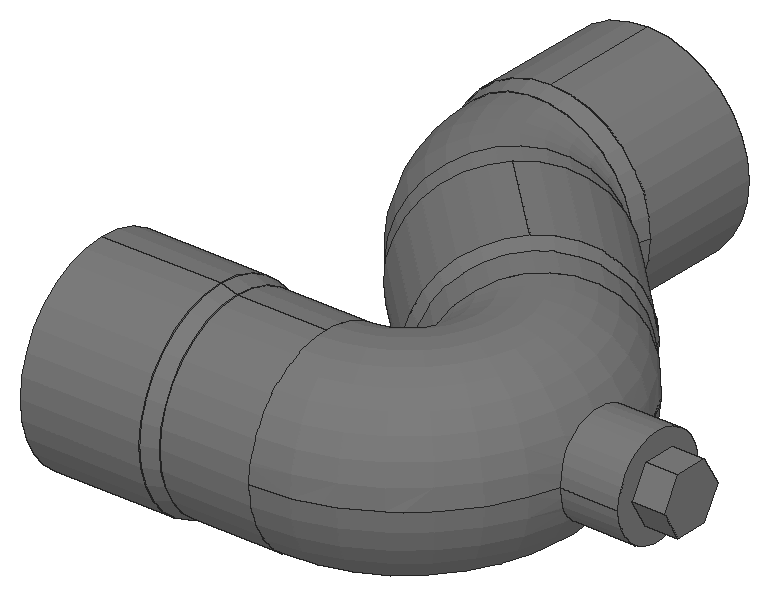
Revit family "Dirit_uPVC Tien Phong Siphon", category Pipe Fittings, Revit 2024
Family settings
  Round Connector Dimension = Use Diameter
  Part Type = Multi Port
  Work Plane-Based = No
  Always vertical = Yes
  Cut with Voids When Loaded = No
  Shared = No
Parameters (values of type "Standard")
  uPVC = uPVC
  Website = ""
  URL = ""
  Type Image = PVC Siphong.JPG
  Type Comments = "MEPF Modeling"
  Standard = "ISO 1452-2"
  Name Fitting = "uPVC_Siphong"  # constant formula
  Mô tả = "Siphong uPVC"
  Lookup Table = "uPVC_Siphon_TienPhong"
  ENG_l [instance] = ENG_r * tan(54.74°)  # 87.271 mm
  ENG_OD [instance] = size_lookup(Lookup Table, "OD", ENG_DN + 1 mm, ENG_DN)  # 61.5 mm
  Model = "Pipe Fitting"
  Manufacturer = ""
  ENG_L/2 [instance] = L1 / 2  # 18.00 mm
  L1 [instance] = size_lookup(Lookup Table, "L", ENG_DN / 2, ENG_DN)  # 36 mm
  ENG_DN [instance] = 60 mm
  ENG_ID [instance] = size_lookup(Lookup Table, "ID", ENG_DN - 1 mm, ENG_DN)  # 58.6 mm
  ENG_D/2 [instance] = ENG_DN / 2  # 30.00 mm
  ENG_R [instance] = ENG_OD / 2 + 0.1 mm  # 30.85 mm
  ENG_r [instance] = 2 * ENG_R  # 61.70 mm
  ENG_Angle_X [instance] = 90.00°
  ENG_Angle_F [instance] = 180.00° - ENG_Angle + 1.00°  # 46.00°
  ENG_Angle [instance] = 135.00°
  ENG_L_d [instance] = 0.75 * L1  # 27.00 mm
  Fanpage = ""
  Email = ""
  Design By = ""
  Default Elevation = 0.00 mm
  Address = ""
Reference planes
  plane 1 "Center (Front/Back)": y = 0
  plane 2: z = 0
  plane 3 "Center (Left/Right)": x = 0
  plane 4: x = 30.85
  plane 5: x = 61.7
  plane 6: y = 30.85
  plane 7: y = 118.121
  plane 8: x = 6.05
  plane 9: x = 88.7
  plane 10: x = 106.7
  plane 11: x = 116.7
Forms (mm)
  Sweep 1, solid, material "uPVC" <- "uPVC"
    path in 3D
      loop
        arc (0.005, 118.66, 0) -> (2.246, 106.565, 0) -> (9.036, 96.307, 0) r 30.85
        line (9.036, 96.307, 0) -> (52.664, 52.664, 0)
        arc (52.664, 52.664, 0) -> (59.352, 19.044, 0) -> (30.85, 0, 0) r 30.85
    profile origin (2.246, 106.565, 0) x (0.927184, 0.374607, 0) y (0, 0, 1)
      loop
        circle (0, 0) r 29.3
  SweptBlend 2, solid, material "uPVC" <- "uPVC"
    path origin (0, 0, 0) x (1, 0, 0) y (0, 1, 0)
      loop
        line (0.005, 118.66) -> (0.092, 123.659)
    profile origin (0.005, 118.66, 0) x (-0.999848, 0.017452, 0) y (0, 0, 1)
      loop
        circle (0, 0) r 29.3
    end profile origin (0.092, 123.659, 0) x (-0.999848, 0.017452, 0) y (0, 0, 1)
      loop
        circle (0, 0) r 30.75
  Extrusion 3, solid, material "uPVC" <- "uPVC"
    sketch origin (0.092, 123.659, 0) x (0, 0, -1) y (-0.999848, 0.017452, 0)
      loop
        circle (0, 0.001) r 29.3
      loop
        circle (0, 0.001) r 30.75
    from 0 to 36 <- "L1"
  Extrusion 4, solid, material "uPVC" <- "uPVC"
    sketch origin (30.85, 0, 0) x (0, 0, 1) y (0, 1, 0)
      loop
        circle (0, 0) r 29.3
    from 0 to 27 <- "ENG_L_d"
  Blend 5, solid, material "uPVC" <- "uPVC"
    base sketch origin (3.85, 0, 0) x (0, 0, 1) y (0, 1, 0)
      loop
        circle (0, 0) r 29.3
    top sketch origin (3.85, 0, 0) x (0, 0, 1) y (0, 1, 0)
      loop
        circle (0, 0) r 30.75
    from 0 to 5
  Extrusion 6, solid, material "uPVC" <- "uPVC"
    sketch origin (-1.15, 0, 0) x (0, 0, 1) y (0, 1, 0)
      loop
        circle (0, 0) r 29.3
      loop
        circle (0, 0) r 30.75
    from 0 to 36 <- "L1"
  SweptBlend 7, solid, material "uPVC" <- "uPVC"
    path origin (0, 0, 0) x (1, 0, 0) y (0, 1, 0)
      loop
        line (45.064, 60.267) -> (41.529, 63.803)
    profile origin (45.064, 60.267, 0) x (-0.707222, -0.706992, 0) y (0, 0, 1)
      loop
        circle (0, 0) r 29.3
    end profile origin (41.529, 63.803, 0) x (-0.707222, -0.706992, 0) y (0, 0, 1)
      loop
        circle (0, 0) r 30.75
  Extrusion 8, solid, material "uPVC" <- "uPVC"
    sketch origin (41.529, 63.803, 0) x (0, 0, -1) y (-0.707222, -0.706992, 0)
      loop
        circle (0, 0) r 30.75
    from 0 to 36 <- "L1"
  Extrusion 9, solid, material "uPVC" <- "uPVC"
    sketch origin (88.7, 250.149, 1200) x (0, 1, 0) y (0, 0, 1)
      loop
        circle (-219.299, -1200) r 15
    from 0 to 18
  Sweep 10, solid, material "uPVC" <- "uPVC"
    path origin (0, 0, 0) x (1, 0, 0) y (0, 1, 0)
      loop
        line (106.7, 30.85) -> (116.7, 30.85)
    profile origin (111.7, 30.85, 0) x (0, 1, 0) y (0, 0, 1)
      loop
        line (-10, 0) -> (-5, -8.66) -> (5, -8.66) -> (10, 0) -> (5, 8.66) -> (-5, 8.66) -> (-10, 0)
Cuts and joins
  joined: Sweep 1, Extrusion 4, SweptBlend 7, Extrusion 8, Extrusion 9
Lines and regions (mm)
  reference lines
    curve 1: arc (30.85, 0, 0) -> (59.352, 19.044, 0) -> (52.664, 52.664, 0) r 30.85
    curve 2: line (52.664, 52.664, 0) -> (9.036, 96.307, 0)
    curve 3: arc (0.005, 118.66, 0) -> (2.246, 106.565, 0) -> (9.036, 96.307, 0) r 30.85
  sketch lines
    curve 4: arc (0.005, 118.66, 0) -> (2.246, 106.565, 0) -> (9.036, 96.307, 0) r 30.85
    curve 5: line (52.664, 52.664, 0) -> (9.036, 96.307, 0)
    curve 6: arc (30.85, 0, 0) -> (59.352, 19.044, 0) -> (52.664, 52.664, 0) r 30.85
  model lines
    curve 7: circle (3.85, 0, 0) r 22.123 normal (-1, 0, 0)
Dimensions and locks
  "ENG_R": plane 3 "Center (Left/Right)" to plane 4
  "ENG_R": plane 6 to plane 1 "Center (Front/Back)"
  "ENG_R": plane 4 to plane 5
  "ENG_l": plane 7 to plane 6
  locked: Blend 5 to Blend 5 at 5
  "ENG_L/2": plane 9 to plane 10
  plane 10 to plane 11 = 10.00 mm
  "ENG_L_d": plane 5 to plane 9
  "ENG_R": radius of curve 1
  "ENG_R": radius of curve 3
  "ENG_ID": diameter of Sweep 1 sketch curve
  "ENG_ID": diameter of SweptBlend 2 sketch curve
  "ENG_OD": diameter of SweptBlend 2 sketch curve
  "ENG_ID": diameter of Extrusion 3 sketch curve
  "ENG_OD": diameter of Extrusion 3 sketch curve
  "ENG_ID": diameter of Extrusion 4 sketch curve
  "ENG_ID": diameter of Blend 5 sketch curve
  "ENG_OD": diameter of Blend 5 sketch curve
  "ENG_ID": diameter of Extrusion 6 sketch curve
  "ENG_OD": diameter of Extrusion 6 sketch curve
  "ENG_ID": diameter of SweptBlend 7 sketch curve
  "ENG_OD": diameter of SweptBlend 7 sketch curve
  "ENG_OD": diameter of Extrusion 8 sketch curve
  "ENG_D/2": diameter of Extrusion 9 sketch curve
  locked: curve 1 to curve 1 (angle 135.00°)
  "ENG_Angle_F": angle curve 3 to curve 3
  aligned and locked: level to plane 2
  aligned and locked: plane 4 to curve 1
  aligned and locked: plane 6 to curve 1
  aligned and locked: plane 4 to curve 3
  aligned and locked: plane 7 to curve 3
  aligned and locked: curve 2 to SweptBlend 7 sketch curve
  aligned and locked: plane 6 to Extrusion 9 sketch curve
  aligned and locked: plane 2 to Extrusion 9 sketch curve
  aligned and locked: plane 10 to Extrusion 9
  aligned and locked: plane 10 to Sweep 10 sketch curve
  aligned and locked: plane 11 to Sweep 10 sketch curve
  aligned and locked: Sweep 10 sketch curve to plane 6
  aligned and locked: Blend 5 to cut or joined group of Sweep 1, Extrusion 4, SweptBlend 7, Extrusion 8, Extrusion 9
Automatic sketch dimensions
  plane 3 "Center (Left/Right)" to curve 3 = 0.005 mm
  Sweep 1 sketch curve to profile plane = 0.00 mm  (x2)
  plane 3 "Center (Left/Right)" to SweptBlend 2 sketch curve = 0.005 mm
  plane 7 to SweptBlend 2 sketch curve = 0.538 mm
  plane 3 "Center (Left/Right)" to SweptBlend 2 sketch curve = 0.092 mm
  SweptBlend 2 sketch curve to SweptBlend 2 sketch curve = 4.999 mm
  level to SweptBlend 2 sketch curve = 0.00 mm  (x2)
  SweptBlend 2 sketch curve to profile plane = 0.00 mm  (x2)
  Extrusion 3 sketch curve to Extrusion 3 sketch curve = 0.00 mm  (x4)
  Extrusion 6 sketch curve to Extrusion 6 sketch curve = 0.00 mm  (x4)
  SweptBlend 7 sketch curve to plane 5 = 16.636 mm
  SweptBlend 7 sketch curve to SweptBlend 7 sketch curve = 3.536 mm
  level to SweptBlend 7 sketch curve = 0.00 mm  (x2)
  profile plane to SweptBlend 7 sketch curve = 0.00 mm  (x2)
  radius of curve 7 to Extrusion 4 = 7.177 mm
Connectors
  piping at (0.092, 123.659, 0), diameter 60, driven by "ENG_DN"
    settings: on SweptBlend 2, index 1, connector inside diameter 609.6 mm, connector length 0.00 mm, flow factor 0, pipe flow 0.0 L/s, pressure drop 0.0 Pa, fitting loss kfactor 0, connector angle 0.00°, fixture units 0, engagement length 0.00 mm, angle of deflection 0.00°, flow configuration 0, flow direction 0, fitting loss method 0, system type 28, joint type 0, gender type 0, connector reference index 2, connector utility 0, adjustable connector no, is connector primary no, connector description ""
  piping at (-1.15, 0, 0), diameter 60, driven by "ENG_DN"
    settings: on Extrusion 6, index 2, connector inside diameter 609.6 mm, connector length 0.00 mm, flow factor 0, pipe flow 0.0 L/s, pressure drop 0.0 Pa, fitting loss kfactor 0, connector angle 0.00°, fixture units 0, engagement length 0.00 mm, angle of deflection 0.00°, flow configuration 0, flow direction 0, fitting loss method 0, system type 28, joint type 0, gender type 0, connector reference index 1, connector utility 0, adjustable connector no, is connector primary yes, connector description ""
